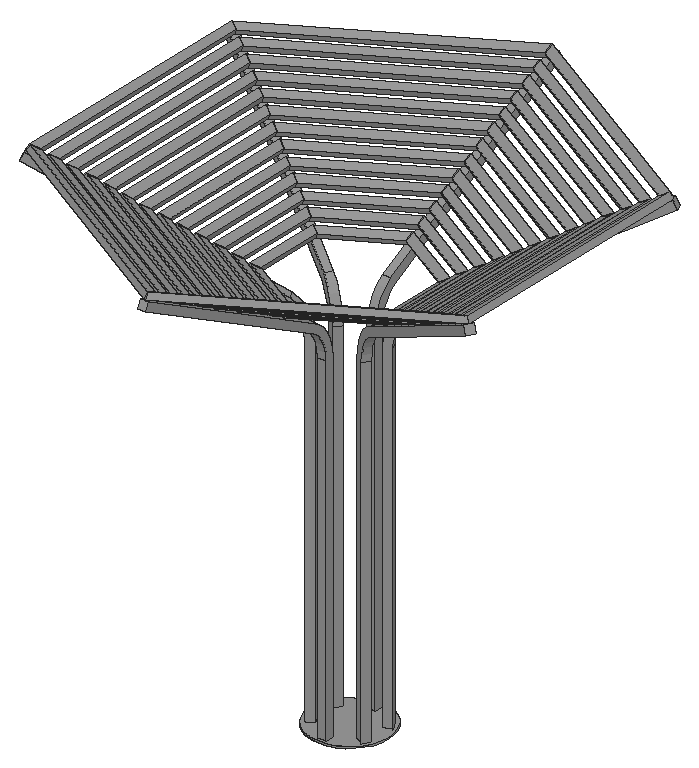
Revit family "Навес «Винсон» Арт 20419", category Антураж, Revit 2018
Family settings
  На основе рабочей плоскости = Нет
  Всегда вертикально = Да
  При загрузке вырезать с полостями = Нет
  Источник визуального образа = Геометрия семейства
  Общий = Нет
  Точка расчета площади = Нет
Parameters (values of type "Навес «Винсон»")
  Ширина = 3130 mm  # constant formula
  Цвет навеса = Тик
  Цвет какаса = Сталь
  Описание = "Навес «Винсон»"  # constant formula
  Материал изделия = "Сталь, дерево"  # constant formula
  Изображение типоразмера = Навес «Винсон» Арт 20419.jpg
  Изготовитель = "ООО «Хоббика»"  # constant formula
  Длина = 2680 mm  # constant formula
  Группа модели = "Навесы и беседки"  # constant formula
  Высота = 3000 mm  # constant formula
  Артикул товара = "Арт. 20419"  # constant formula
  URL = "https://hobbyka.ru/product/naves_vinson/"
Reference planes
  plane 1 "По центру (Вперед/Назад)": y = 0
  plane 2: z = 0
  plane 3 "По центру (Влево/Вправо)": x = 0
  plane 4: y = 1565
  plane 5: y = -1565
  plane 6: x = -1340
  plane 7: x = 1340
  plane 8: z = 3000
  plane 9: z = 2060
Forms (mm)
  Extrusion 1, solid, material "Сталь" <- "Цвет какаса"
    sketch origin (0, 0, 0) x (0, 1, 0) y (0, 0, 1)
      loop
        line (-1541.526, 2962.519) -> (-1565, 2918.371) -> (-304.083, 2247.93)
        arc (-304.083, 2247.93) -> (-234.834, 2165.082) -> (-210, 2060) r 234.736
        line (-210, 2060) -> (-210, 0) -> (-160, 0) -> (-160, 2060)
        arc (-160, 2060) -> (-191.034, 2189.267) -> (-277.372, 2290.356) r 284.736
        line (-277.372, 2290.356) -> (-1541.526, 2962.519)
    from -25 to 25
  Extrusion 2, solid, material "Сталь" <- "Цвет какаса"
    sketch origin (0, 0, 0) x (0, -1, 0) y (0, 0, -1)
      loop
        line (-1541.526, -2962.519) -> (-277.372, -2290.356)
        arc (-277.372, -2290.356) -> (-191.034, -2189.267) -> (-160, -2060) r 284.736
        line (-160, -2060) -> (-160, 0) -> (-210, 0) -> (-210, -2060)
        arc (-210, -2060) -> (-234.834, -2165.082) -> (-304.083, -2247.93) r 234.736
        line (-304.083, -2247.93) -> (-1565, -2918.371) -> (-1541.526, -2962.519)
    from -25 to 25
  Extrusion 3, solid, material "Сталь" <- "Цвет какаса"
    sketch origin (0, 0, 0) x (-0.866025, 0.5, 0) y (0, 0, 1)
      loop
        line (-1541.526, 2962.519) -> (-1565, 2918.371) -> (-304.083, 2247.93)
        arc (-304.083, 2247.93) -> (-234.834, 2165.082) -> (-210, 2060) r 234.736
        line (-210, 2060) -> (-210, 0) -> (-160, 0) -> (-160, 2060)
        arc (-160, 2060) -> (-191.034, 2189.267) -> (-277.372, 2290.356) r 284.736
        line (-277.372, 2290.356) -> (-1541.526, 2962.519)
    from -25 to 25
  Extrusion 4, solid, material "Сталь" <- "Цвет какаса"
    sketch origin (0, 0, 0) x (0.866025, -0.5, 0) y (0, 0, -1)
      loop
        line (-1541.526, -2962.519) -> (-277.372, -2290.356)
        arc (-277.372, -2290.356) -> (-191.034, -2189.267) -> (-160, -2060) r 284.736
        line (-160, -2060) -> (-160, 0) -> (-210, 0) -> (-210, -2060)
        arc (-210, -2060) -> (-234.834, -2165.082) -> (-304.083, -2247.93) r 234.736
        line (-304.083, -2247.93) -> (-1565, -2918.371) -> (-1541.526, -2962.519)
    from -25 to 25
  Extrusion 5, solid, material "Сталь" <- "Цвет какаса"
    sketch origin (0, 0, 0) x (0.866025, 0.5, 0) y (0, 0, 1)
      loop
        line (-1541.526, 2962.519) -> (-1565, 2918.371) -> (-304.083, 2247.93)
        arc (-304.083, 2247.93) -> (-234.834, 2165.082) -> (-210, 2060) r 234.736
        line (-210, 2060) -> (-210, 0) -> (-160, 0) -> (-160, 2060)
        arc (-160, 2060) -> (-191.034, 2189.267) -> (-277.372, 2290.356) r 284.736
        line (-277.372, 2290.356) -> (-1541.526, 2962.519)
    from -25 to 25
  Extrusion 6, solid, material "Сталь" <- "Цвет какаса"
    sketch origin (0, 0, 0) x (-0.866025, -0.5, 0) y (0, 0, -1)
      loop
        line (-1541.526, -2962.519) -> (-277.372, -2290.356)
        arc (-277.372, -2290.356) -> (-191.034, -2189.267) -> (-160, -2060) r 284.736
        line (-160, -2060) -> (-160, 0) -> (-210, 0) -> (-210, -2060)
        arc (-210, -2060) -> (-234.834, -2165.082) -> (-304.083, -2247.93) r 234.736
        line (-304.083, -2247.93) -> (-1565, -2918.371) -> (-1541.526, -2962.519)
    from -25 to 25
  Extrusion 7, solid, material "Тик" <- "Цвет навеса"
    sketch origin (-770.763, -206.525, 0) x (-0.5, 0.866025, 0) y (0, 0, 1)
      loop
        line (-1541.526, 2962.519) -> (-1497.379, 2939.045) -> (-1478.6, 2974.363) -> (-1522.748, 2997.837) -> (-1541.526, 2962.519)
    from 0 to 1540.574
  Extrusion 8, solid, material "Тик" <- "Цвет навеса"
    sketch origin (-820.763, -119.923, 0) x (-0.5, 0.866025, 0) y (0, 0, 1)
      loop
        line (-1564.361, 2919.573) -> (-1520.214, 2896.1) -> (-1501.435, 2931.417) -> (-1545.582, 2954.891) -> (-1564.361, 2919.573)
    from 0 to 1540.574
  Extrusion 9, solid, material "Тик" <- "Цвет навеса"
    sketch origin (-870.763, -33.32, 0) x (-0.5, 0.866025, 0) y (0, 0, 1)
      loop
        line (-1589.003, 2873.228) -> (-1544.856, 2849.754) -> (-1526.077, 2885.072) -> (-1570.224, 2908.546) -> (-1589.003, 2873.228)
    from 0 to 1540.574
  Extrusion 10, solid, material "Тик" <- "Цвет навеса"
    sketch origin (-920.763, 53.282, 0) x (-0.5, 0.866025, 0) y (0, 0, 1)
      loop
        line (-1612.87, 2828.34) -> (-1568.723, 2804.867) -> (-1549.944, 2840.185) -> (-1594.092, 2863.658) -> (-1612.87, 2828.34)
    from 0 to 1540.574
  Extrusion 11, solid, material "Тик" <- "Цвет навеса"
    sketch origin (-970.763, 139.885, 0) x (-0.5, 0.866025, 0) y (0, 0, 1)
      loop
        line (-1637.957, 2781.159) -> (-1593.81, 2757.686) -> (-1575.031, 2793.004) -> (-1619.178, 2816.477) -> (-1637.957, 2781.159)
    from 0 to 1540.574
  Extrusion 12, solid, material "Тик" <- "Цвет навеса"
    sketch origin (-1020.763, 226.487, 0) x (-0.5, 0.866025, 0) y (0, 0, 1)
      loop
        line (-1662.693, 2734.639) -> (-1618.545, 2711.165) -> (-1599.766, 2746.483) -> (-1643.914, 2769.957) -> (-1662.693, 2734.639)
    from 0 to 1540.574
  Extrusion 13, solid, material "Тик" <- "Цвет навеса"
    sketch origin (-1070.763, 313.09, 0) x (-0.5, 0.866025, 0) y (0, 0, 1)
      loop
        line (-1688.199, 2686.668) -> (-1644.052, 2663.194) -> (-1625.273, 2698.512) -> (-1669.42, 2721.986) -> (-1688.199, 2686.668)
    from 0 to 1540.574
  Extrusion 14, solid, material "Тик" <- "Цвет навеса"
    sketch origin (-1120.763, 399.692, 0) x (-0.5, 0.866025, 0) y (0, 0, 1)
      loop
        line (-1712.357, 2641.233) -> (-1668.21, 2617.759) -> (-1649.431, 2653.077) -> (-1693.578, 2676.551) -> (-1712.357, 2641.233)
    from 0 to 1540.574
  Extrusion 15, solid, material "Тик" <- "Цвет навеса"
    sketch origin (-1170.763, 486.295, 0) x (-0.5, 0.866025, 0) y (0, 0, 1)
      loop
        line (-1737.312, 2594.3) -> (-1693.165, 2570.826) -> (-1674.386, 2606.144) -> (-1718.533, 2629.618) -> (-1737.312, 2594.3)
    from 0 to 1540.574
  Extrusion 16, solid, material "Тик" <- "Цвет навеса"
    sketch origin (-1220.763, 572.897, 0) x (-0.5, 0.866025, 0) y (0, 0, 1)
      loop
        line (-1761.053, 2549.649) -> (-1716.906, 2526.175) -> (-1698.127, 2561.493) -> (-1742.275, 2584.967) -> (-1761.053, 2549.649)
    from 0 to 1540.574
  Extrusion 17, solid, material "Тик" <- "Цвет навеса"
    sketch origin (-1270.763, 659.5, 0) x (-0.5, 0.866025, 0) y (0, 0, 1)
      loop
        line (-1786.031, 2502.672) -> (-1741.884, 2479.199) -> (-1723.105, 2514.517) -> (-1767.252, 2537.99) -> (-1786.031, 2502.672)
    from 0 to 1540.574
  Extrusion 18, solid, material "Тик" <- "Цвет навеса"
    sketch origin (-1320.763, 746.103, 0) x (-0.5, 0.866025, 0) y (0, 0, 1)
      loop
        line (-1810.31, 2457.011) -> (-1766.162, 2433.538) -> (-1747.383, 2468.856) -> (-1791.531, 2492.329) -> (-1810.31, 2457.011)
    from 0 to 1540.574
  Extrusion 19, solid, material "Тик" <- "Цвет навеса"
    sketch origin (-1370.763, 832.705, 0) x (-0.5, 0.866025, 0) y (0, 0, 1)
      loop
        line (-1835.802, 2409.068) -> (-1791.654, 2385.594) -> (-1772.875, 2420.912) -> (-1817.023, 2444.386) -> (-1835.802, 2409.068)
    from 0 to 1540.574
  Extrusion 20, void
    sketch origin (0, 0, 0) x (1, 0, 0) y (0, 1, 0)
      loop
        line (0, -423.024) -> (-484.326, -702.65) -> (0, -1541.526) -> (0, -423.024)
      loop
        line (366.35, -211.512) -> (1333.352, -769.811) -> (849.851, 67.637) -> (366.35, -211.512)
    from 2290.356 to 2997.837
  Extrusion 21, solid, material "Тик" <- "Цвет навеса"
    sketch origin (-206.525, -770.763, 0) x (-1, 0, 0) y (0, 0, 1)
      loop
        line (-1541.526, 2962.519) -> (-1497.379, 2939.045) -> (-1478.6, 2974.363) -> (-1522.748, 2997.837) -> (-1541.526, 2962.519)
    from 0 to 1540.574
  Extrusion 22, solid, material "Тик" <- "Цвет навеса"
    sketch origin (-306.525, -770.763, 0) x (-1, 0, 0) y (0, 0, 1)
      loop
        line (-1564.361, 2919.573) -> (-1520.214, 2896.1) -> (-1501.435, 2931.417) -> (-1545.582, 2954.891) -> (-1564.361, 2919.573)
    from 0 to 1540.574
  Extrusion 23, solid, material "Тик" <- "Цвет навеса"
    sketch origin (-406.525, -770.763, 0) x (-1, 0, 0) y (0, 0, 1)
      loop
        line (-1589.003, 2873.228) -> (-1544.856, 2849.754) -> (-1526.077, 2885.072) -> (-1570.224, 2908.546) -> (-1589.003, 2873.228)
    from 0 to 1540.574
  Extrusion 24, solid, material "Тик" <- "Цвет навеса"
    sketch origin (-506.525, -770.763, 0) x (-1, 0, 0) y (0, 0, 1)
      loop
        line (-1612.87, 2828.34) -> (-1568.723, 2804.867) -> (-1549.944, 2840.185) -> (-1594.092, 2863.658) -> (-1612.87, 2828.34)
    from 0 to 1540.574
  Extrusion 25, solid, material "Тик" <- "Цвет навеса"
    sketch origin (-606.525, -770.763, 0) x (-1, 0, 0) y (0, 0, 1)
      loop
        line (-1637.957, 2781.159) -> (-1593.81, 2757.686) -> (-1575.031, 2793.004) -> (-1619.178, 2816.477) -> (-1637.957, 2781.159)
    from 0 to 1540.574
  Extrusion 26, solid, material "Тик" <- "Цвет навеса"
    sketch origin (-706.525, -770.763, 0) x (-1, 0, 0) y (0, 0, 1)
      loop
        line (-1662.693, 2734.639) -> (-1618.545, 2711.165) -> (-1599.766, 2746.483) -> (-1643.914, 2769.957) -> (-1662.693, 2734.639)
    from 0 to 1540.574
  Extrusion 27, solid, material "Тик" <- "Цвет навеса"
    sketch origin (-806.525, -770.763, 0) x (-1, 0, 0) y (0, 0, 1)
      loop
        line (-1688.199, 2686.668) -> (-1644.052, 2663.194) -> (-1625.273, 2698.512) -> (-1669.42, 2721.986) -> (-1688.199, 2686.668)
    from 0 to 1540.574
  Extrusion 28, solid, material "Тик" <- "Цвет навеса"
    sketch origin (-906.525, -770.763, 0) x (-1, 0, 0) y (0, 0, 1)
      loop
        line (-1712.357, 2641.233) -> (-1668.21, 2617.759) -> (-1649.431, 2653.077) -> (-1693.578, 2676.551) -> (-1712.357, 2641.233)
    from 0 to 1540.574
  Extrusion 29, solid, material "Тик" <- "Цвет навеса"
    sketch origin (-1006.525, -770.763, 0) x (-1, 0, 0) y (0, 0, 1)
      loop
        line (-1737.312, 2594.3) -> (-1693.165, 2570.826) -> (-1674.386, 2606.144) -> (-1718.533, 2629.618) -> (-1737.312, 2594.3)
    from 0 to 1540.574
  Extrusion 30, solid, material "Тик" <- "Цвет навеса"
    sketch origin (-1106.525, -770.763, 0) x (-1, 0, 0) y (0, 0, 1)
      loop
        line (-1761.053, 2549.649) -> (-1716.906, 2526.175) -> (-1698.127, 2561.493) -> (-1742.275, 2584.967) -> (-1761.053, 2549.649)
    from 0 to 1540.574
  Extrusion 31, solid, material "Тик" <- "Цвет навеса"
    sketch origin (-1206.525, -770.763, 0) x (-1, 0, 0) y (0, 0, 1)
      loop
        line (-1786.031, 2502.672) -> (-1741.884, 2479.199) -> (-1723.105, 2514.517) -> (-1767.252, 2537.99) -> (-1786.031, 2502.672)
    from 0 to 1540.574
  Extrusion 32, solid, material "Тик" <- "Цвет навеса"
    sketch origin (-1306.525, -770.763, 0) x (-1, 0, 0) y (0, 0, 1)
      loop
        line (-1810.31, 2457.011) -> (-1766.162, 2433.538) -> (-1747.383, 2468.856) -> (-1791.531, 2492.329) -> (-1810.31, 2457.011)
    from 0 to 1540.574
  Extrusion 33, solid, material "Тик" <- "Цвет навеса"
    sketch origin (-1406.525, -770.763, 0) x (-1, 0, 0) y (0, 0, 1)
      loop
        line (-1835.802, 2409.068) -> (-1791.654, 2385.594) -> (-1772.875, 2420.912) -> (-1817.023, 2444.386) -> (-1835.802, 2409.068)
    from 0 to 1540.574
  Extrusion 34, void
    sketch origin (0, 0, 0) x (0.5, 0.866025, 0) y (-0.866025, 0.5, 0)
      loop
        line (0, -423.024) -> (-484.326, -702.65) -> (0, -1541.526) -> (0, -423.024)
      loop
        line (366.35, -211.512) -> (1333.352, -769.811) -> (849.851, 67.637) -> (366.35, -211.512)
    from 2290.356 to 2997.837
  Extrusion 35, solid, material "Тик" <- "Цвет навеса"
    sketch origin (564.238, -564.238, 0) x (-0.5, -0.866025, 0) y (0, 0, 1)
      loop
        line (-1541.526, 2962.519) -> (-1497.379, 2939.045) -> (-1478.6, 2974.363) -> (-1522.748, 2997.837) -> (-1541.526, 2962.519)
    from 0 to 1540.574
  Extrusion 36, solid, material "Тик" <- "Цвет навеса"
    sketch origin (514.238, -650.84, 0) x (-0.5, -0.866025, 0) y (0, 0, 1)
      loop
        line (-1564.361, 2919.573) -> (-1520.214, 2896.1) -> (-1501.435, 2931.417) -> (-1545.582, 2954.891) -> (-1564.361, 2919.573)
    from 0 to 1540.574
  Extrusion 37, solid, material "Тик" <- "Цвет навеса"
    sketch origin (464.238, -737.443, 0) x (-0.5, -0.866025, 0) y (0, 0, 1)
      loop
        line (-1589.003, 2873.228) -> (-1544.856, 2849.754) -> (-1526.077, 2885.072) -> (-1570.224, 2908.546) -> (-1589.003, 2873.228)
    from 0 to 1540.574
  Extrusion 38, solid, material "Тик" <- "Цвет навеса"
    sketch origin (414.238, -824.045, 0) x (-0.5, -0.866025, 0) y (0, 0, 1)
      loop
        line (-1612.87, 2828.34) -> (-1568.723, 2804.867) -> (-1549.944, 2840.185) -> (-1594.092, 2863.658) -> (-1612.87, 2828.34)
    from 0 to 1540.574
  Extrusion 39, solid, material "Тик" <- "Цвет навеса"
    sketch origin (364.238, -910.648, 0) x (-0.5, -0.866025, 0) y (0, 0, 1)
      loop
        line (-1637.957, 2781.159) -> (-1593.81, 2757.686) -> (-1575.031, 2793.004) -> (-1619.178, 2816.477) -> (-1637.957, 2781.159)
    from 0 to 1540.574
  Extrusion 40, solid, material "Тик" <- "Цвет навеса"
    sketch origin (314.238, -997.251, 0) x (-0.5, -0.866025, 0) y (0, 0, 1)
      loop
        line (-1662.693, 2734.639) -> (-1618.545, 2711.165) -> (-1599.766, 2746.483) -> (-1643.914, 2769.957) -> (-1662.693, 2734.639)
    from 0 to 1540.574
  Extrusion 41, solid, material "Тик" <- "Цвет навеса"
    sketch origin (264.238, -1083.853, 0) x (-0.5, -0.866025, 0) y (0, 0, 1)
      loop
        line (-1688.199, 2686.668) -> (-1644.052, 2663.194) -> (-1625.273, 2698.512) -> (-1669.42, 2721.986) -> (-1688.199, 2686.668)
    from 0 to 1540.574
  Extrusion 42, solid, material "Тик" <- "Цвет навеса"
    sketch origin (214.238, -1170.456, 0) x (-0.5, -0.866025, 0) y (0, 0, 1)
      loop
        line (-1712.357, 2641.233) -> (-1668.21, 2617.759) -> (-1649.431, 2653.077) -> (-1693.578, 2676.551) -> (-1712.357, 2641.233)
    from 0 to 1540.574
  Extrusion 43, solid, material "Тик" <- "Цвет навеса"
    sketch origin (164.238, -1257.058, 0) x (-0.5, -0.866025, 0) y (0, 0, 1)
      loop
        line (-1737.312, 2594.3) -> (-1693.165, 2570.826) -> (-1674.386, 2606.144) -> (-1718.533, 2629.618) -> (-1737.312, 2594.3)
    from 0 to 1540.574
  Extrusion 44, solid, material "Тик" <- "Цвет навеса"
    sketch origin (114.238, -1343.661, 0) x (-0.5, -0.866025, 0) y (0, 0, 1)
      loop
        line (-1761.053, 2549.649) -> (-1716.906, 2526.175) -> (-1698.127, 2561.493) -> (-1742.275, 2584.967) -> (-1761.053, 2549.649)
    from 0 to 1540.574
  Extrusion 45, solid, material "Тик" <- "Цвет навеса"
    sketch origin (64.238, -1430.263, 0) x (-0.5, -0.866025, 0) y (0, 0, 1)
      loop
        line (-1786.031, 2502.672) -> (-1741.884, 2479.199) -> (-1723.105, 2514.517) -> (-1767.252, 2537.99) -> (-1786.031, 2502.672)
    from 0 to 1540.574
  Extrusion 46, solid, material "Тик" <- "Цвет навеса"
    sketch origin (14.238, -1516.866, 0) x (-0.5, -0.866025, 0) y (0, 0, 1)
      loop
        line (-1810.31, 2457.011) -> (-1766.162, 2433.538) -> (-1747.383, 2468.856) -> (-1791.531, 2492.329) -> (-1810.31, 2457.011)
    from 0 to 1540.574
  Extrusion 47, solid, material "Тик" <- "Цвет навеса"
    sketch origin (-35.762, -1603.468, 0) x (-0.5, -0.866025, 0) y (0, 0, 1)
      loop
        line (-1835.802, 2409.068) -> (-1791.654, 2385.594) -> (-1772.875, 2420.912) -> (-1817.023, 2444.386) -> (-1835.802, 2409.068)
    from 0 to 1540.574
  Extrusion 48, void
    sketch origin (0, 0, 0) x (-0.5, 0.866025, 0) y (-0.866025, -0.5, 0)
      loop
        line (0, -423.024) -> (-484.326, -702.65) -> (0, -1541.526) -> (0, -423.024)
      loop
        line (366.35, -211.512) -> (1333.352, -769.811) -> (849.851, 67.637) -> (366.35, -211.512)
    from 2290.356 to 2997.837
  Extrusion 49, solid, material "Тик" <- "Цвет навеса"
    sketch origin (770.763, 206.525, 0) x (0.5, -0.866025, 0) y (0, 0, 1)
      loop
        line (-1541.526, 2962.519) -> (-1497.379, 2939.045) -> (-1478.6, 2974.363) -> (-1522.748, 2997.837) -> (-1541.526, 2962.519)
    from 0 to 1540.574
  Extrusion 50, solid, material "Тик" <- "Цвет навеса"
    sketch origin (820.763, 119.923, 0) x (0.5, -0.866025, 0) y (0, 0, 1)
      loop
        line (-1564.361, 2919.573) -> (-1520.214, 2896.1) -> (-1501.435, 2931.417) -> (-1545.582, 2954.891) -> (-1564.361, 2919.573)
    from 0 to 1540.574
  Extrusion 51, solid, material "Тик" <- "Цвет навеса"
    sketch origin (870.763, 33.32, 0) x (0.5, -0.866025, 0) y (0, 0, 1)
      loop
        line (-1589.003, 2873.228) -> (-1544.856, 2849.754) -> (-1526.077, 2885.072) -> (-1570.224, 2908.546) -> (-1589.003, 2873.228)
    from 0 to 1540.574
  Extrusion 52, solid, material "Тик" <- "Цвет навеса"
    sketch origin (920.763, -53.282, 0) x (0.5, -0.866025, 0) y (0, 0, 1)
      loop
        line (-1612.87, 2828.34) -> (-1568.723, 2804.867) -> (-1549.944, 2840.185) -> (-1594.092, 2863.658) -> (-1612.87, 2828.34)
    from 0 to 1540.574
  Extrusion 53, solid, material "Тик" <- "Цвет навеса"
    sketch origin (970.763, -139.885, 0) x (0.5, -0.866025, 0) y (0, 0, 1)
      loop
        line (-1637.957, 2781.159) -> (-1593.81, 2757.686) -> (-1575.031, 2793.004) -> (-1619.178, 2816.477) -> (-1637.957, 2781.159)
    from 0 to 1540.574
  Extrusion 54, solid, material "Тик" <- "Цвет навеса"
    sketch origin (1020.763, -226.487, 0) x (0.5, -0.866025, 0) y (0, 0, 1)
      loop
        line (-1662.693, 2734.639) -> (-1618.545, 2711.165) -> (-1599.766, 2746.483) -> (-1643.914, 2769.957) -> (-1662.693, 2734.639)
    from 0 to 1540.574
  Extrusion 55, solid, material "Тик" <- "Цвет навеса"
    sketch origin (1070.763, -313.09, 0) x (0.5, -0.866025, 0) y (0, 0, 1)
      loop
        line (-1688.199, 2686.668) -> (-1644.052, 2663.194) -> (-1625.273, 2698.512) -> (-1669.42, 2721.986) -> (-1688.199, 2686.668)
    from 0 to 1540.574
  Extrusion 56, solid, material "Тик" <- "Цвет навеса"
    sketch origin (1120.763, -399.692, 0) x (0.5, -0.866025, 0) y (0, 0, 1)
      loop
        line (-1712.357, 2641.233) -> (-1668.21, 2617.759) -> (-1649.431, 2653.077) -> (-1693.578, 2676.551) -> (-1712.357, 2641.233)
    from 0 to 1540.574
  Extrusion 57, solid, material "Тик" <- "Цвет навеса"
    sketch origin (1170.763, -486.295, 0) x (0.5, -0.866025, 0) y (0, 0, 1)
      loop
        line (-1737.312, 2594.3) -> (-1693.165, 2570.826) -> (-1674.386, 2606.144) -> (-1718.533, 2629.618) -> (-1737.312, 2594.3)
    from 0 to 1540.574
  Extrusion 58, solid, material "Тик" <- "Цвет навеса"
    sketch origin (1220.763, -572.897, 0) x (0.5, -0.866025, 0) y (0, 0, 1)
      loop
        line (-1761.053, 2549.649) -> (-1716.906, 2526.175) -> (-1698.127, 2561.493) -> (-1742.275, 2584.967) -> (-1761.053, 2549.649)
    from 0 to 1540.574
  Extrusion 59, solid, material "Тик" <- "Цвет навеса"
    sketch origin (1270.763, -659.5, 0) x (0.5, -0.866025, 0) y (0, 0, 1)
      loop
        line (-1786.031, 2502.672) -> (-1741.884, 2479.199) -> (-1723.105, 2514.517) -> (-1767.252, 2537.99) -> (-1786.031, 2502.672)
    from 0 to 1540.574
  Extrusion 60, solid, material "Тик" <- "Цвет навеса"
    sketch origin (1320.763, -746.103, 0) x (0.5, -0.866025, 0) y (0, 0, 1)
      loop
        line (-1810.31, 2457.011) -> (-1766.162, 2433.538) -> (-1747.383, 2468.856) -> (-1791.531, 2492.329) -> (-1810.31, 2457.011)
    from 0 to 1540.574
  Extrusion 61, solid, material "Тик" <- "Цвет навеса"
    sketch origin (1370.763, -832.705, 0) x (0.5, -0.866025, 0) y (0, 0, 1)
      loop
        line (-1835.802, 2409.068) -> (-1791.654, 2385.594) -> (-1772.875, 2420.912) -> (-1817.023, 2444.386) -> (-1835.802, 2409.068)
    from 0 to 1540.574
  Extrusion 62, void
    sketch origin (0, 0, 0) x (-1, 0, 0) y (0, -1, 0)
      loop
        line (0, -423.024) -> (-484.326, -702.65) -> (0, -1541.526) -> (0, -423.024)
      loop
        line (366.35, -211.512) -> (1333.352, -769.811) -> (849.851, 67.637) -> (366.35, -211.512)
    from 2290.356 to 2997.837
  Extrusion 63, solid, material "Тик" <- "Цвет навеса"
    sketch origin (206.525, 770.763, 0) x (1, 0, 0) y (0, 0, 1)
      loop
        line (-1541.526, 2962.519) -> (-1497.379, 2939.045) -> (-1478.6, 2974.363) -> (-1522.748, 2997.837) -> (-1541.526, 2962.519)
    from 0 to 1540.574
  Extrusion 64, solid, material "Тик" <- "Цвет навеса"
    sketch origin (306.525, 770.763, 0) x (1, 0, 0) y (0, 0, 1)
      loop
        line (-1564.361, 2919.573) -> (-1520.214, 2896.1) -> (-1501.435, 2931.417) -> (-1545.582, 2954.891) -> (-1564.361, 2919.573)
    from 0 to 1540.574
  Extrusion 65, solid, material "Тик" <- "Цвет навеса"
    sketch origin (406.525, 770.763, 0) x (1, 0, 0) y (0, 0, 1)
      loop
        line (-1589.003, 2873.228) -> (-1544.856, 2849.754) -> (-1526.077, 2885.072) -> (-1570.224, 2908.546) -> (-1589.003, 2873.228)
    from 0 to 1540.574
  Extrusion 66, solid, material "Тик" <- "Цвет навеса"
    sketch origin (506.525, 770.763, 0) x (1, 0, 0) y (0, 0, 1)
      loop
        line (-1612.87, 2828.34) -> (-1568.723, 2804.867) -> (-1549.944, 2840.185) -> (-1594.092, 2863.658) -> (-1612.87, 2828.34)
    from 0 to 1540.574
  Extrusion 67, solid, material "Тик" <- "Цвет навеса"
    sketch origin (606.525, 770.763, 0) x (1, 0, 0) y (0, 0, 1)
      loop
        line (-1637.957, 2781.159) -> (-1593.81, 2757.686) -> (-1575.031, 2793.004) -> (-1619.178, 2816.477) -> (-1637.957, 2781.159)
    from 0 to 1540.574
  Extrusion 68, solid, material "Тик" <- "Цвет навеса"
    sketch origin (706.525, 770.763, 0) x (1, 0, 0) y (0, 0, 1)
      loop
        line (-1662.693, 2734.639) -> (-1618.545, 2711.165) -> (-1599.766, 2746.483) -> (-1643.914, 2769.957) -> (-1662.693, 2734.639)
    from 0 to 1540.574
  Extrusion 69, solid, material "Тик" <- "Цвет навеса"
    sketch origin (806.525, 770.763, 0) x (1, 0, 0) y (0, 0, 1)
      loop
        line (-1688.199, 2686.668) -> (-1644.052, 2663.194) -> (-1625.273, 2698.512) -> (-1669.42, 2721.986) -> (-1688.199, 2686.668)
    from 0 to 1540.574
  Extrusion 70, solid, material "Тик" <- "Цвет навеса"
    sketch origin (906.525, 770.763, 0) x (1, 0, 0) y (0, 0, 1)
      loop
        line (-1712.357, 2641.233) -> (-1668.21, 2617.759) -> (-1649.431, 2653.077) -> (-1693.578, 2676.551) -> (-1712.357, 2641.233)
    from 0 to 1540.574
  Extrusion 71, solid, material "Тик" <- "Цвет навеса"
    sketch origin (1006.525, 770.763, 0) x (1, 0, 0) y (0, 0, 1)
      loop
        line (-1737.312, 2594.3) -> (-1693.165, 2570.826) -> (-1674.386, 2606.144) -> (-1718.533, 2629.618) -> (-1737.312, 2594.3)
    from 0 to 1540.574
  Extrusion 72, solid, material "Тик" <- "Цвет навеса"
    sketch origin (1106.525, 770.763, 0) x (1, 0, 0) y (0, 0, 1)
      loop
        line (-1761.053, 2549.649) -> (-1716.906, 2526.175) -> (-1698.127, 2561.493) -> (-1742.275, 2584.967) -> (-1761.053, 2549.649)
    from 0 to 1540.574
  Extrusion 73, solid, material "Тик" <- "Цвет навеса"
    sketch origin (1206.525, 770.763, 0) x (1, 0, 0) y (0, 0, 1)
      loop
        line (-1786.031, 2502.672) -> (-1741.884, 2479.199) -> (-1723.105, 2514.517) -> (-1767.252, 2537.99) -> (-1786.031, 2502.672)
    from 0 to 1540.574
  Extrusion 74, solid, material "Тик" <- "Цвет навеса"
    sketch origin (1306.525, 770.763, 0) x (1, 0, 0) y (0, 0, 1)
      loop
        line (-1810.31, 2457.011) -> (-1766.162, 2433.538) -> (-1747.383, 2468.856) -> (-1791.531, 2492.329) -> (-1810.31, 2457.011)
    from 0 to 1540.574
  Extrusion 75, solid, material "Тик" <- "Цвет навеса"
    sketch origin (1406.525, 770.763, 0) x (1, 0, 0) y (0, 0, 1)
      loop
        line (-1835.802, 2409.068) -> (-1791.654, 2385.594) -> (-1772.875, 2420.912) -> (-1817.023, 2444.386) -> (-1835.802, 2409.068)
    from 0 to 1540.574
  Extrusion 76, void
    sketch origin (0, 0, 0) x (-0.5, -0.866025, 0) y (0.866025, -0.5, 0)
      loop
        line (0, -423.024) -> (-484.326, -702.65) -> (0, -1541.526) -> (0, -423.024)
      loop
        line (366.35, -211.512) -> (1333.352, -769.811) -> (849.851, 67.637) -> (366.35, -211.512)
    from 2290.356 to 2997.837
  Extrusion 77, void
    sketch origin (0, 0, 0) x (1, 0, 0) y (0, 1, 0)
      loop
        line (0, -423.024) -> (-484.326, -702.65) -> (0, -1541.526) -> (0, -423.024)
      loop
        line (366.35, -211.512) -> (1333.352, -769.811) -> (849.851, 67.637) -> (366.35, -211.512)
    from 2290.356 to 2997.837
  Extrusion 78, solid, material "Тик" <- "Цвет навеса"
    sketch origin (-564.238, 564.238, 0) x (0.5, 0.866025, 0) y (0, 0, 1)
      loop
        line (-1541.526, 2962.519) -> (-1497.379, 2939.045) -> (-1478.6, 2974.363) -> (-1522.748, 2997.837) -> (-1541.526, 2962.519)
    from 0 to 1540.574
  Extrusion 79, solid, material "Тик" <- "Цвет навеса"
    sketch origin (-514.238, 650.84, 0) x (0.5, 0.866025, 0) y (0, 0, 1)
      loop
        line (-1564.361, 2919.573) -> (-1520.214, 2896.1) -> (-1501.435, 2931.417) -> (-1545.582, 2954.891) -> (-1564.361, 2919.573)
    from 0 to 1540.574
  Extrusion 80, solid, material "Тик" <- "Цвет навеса"
    sketch origin (-464.238, 737.443, 0) x (0.5, 0.866025, 0) y (0, 0, 1)
      loop
        line (-1589.003, 2873.228) -> (-1544.856, 2849.754) -> (-1526.077, 2885.072) -> (-1570.224, 2908.546) -> (-1589.003, 2873.228)
    from 0 to 1540.574
  Extrusion 81, solid, material "Тик" <- "Цвет навеса"
    sketch origin (-414.238, 824.045, 0) x (0.5, 0.866025, 0) y (0, 0, 1)
      loop
        line (-1612.87, 2828.34) -> (-1568.723, 2804.867) -> (-1549.944, 2840.185) -> (-1594.092, 2863.658) -> (-1612.87, 2828.34)
    from 0 to 1540.574
  Extrusion 82, solid, material "Тик" <- "Цвет навеса"
    sketch origin (-364.238, 910.648, 0) x (0.5, 0.866025, 0) y (0, 0, 1)
      loop
        line (-1637.957, 2781.159) -> (-1593.81, 2757.686) -> (-1575.031, 2793.004) -> (-1619.178, 2816.477) -> (-1637.957, 2781.159)
    from 0 to 1540.574
  Extrusion 83, solid, material "Тик" <- "Цвет навеса"
    sketch origin (-314.238, 997.251, 0) x (0.5, 0.866025, 0) y (0, 0, 1)
      loop
        line (-1662.693, 2734.639) -> (-1618.545, 2711.165) -> (-1599.766, 2746.483) -> (-1643.914, 2769.957) -> (-1662.693, 2734.639)
    from 0 to 1540.574
  Extrusion 84, solid, material "Тик" <- "Цвет навеса"
    sketch origin (-264.238, 1083.853, 0) x (0.5, 0.866025, 0) y (0, 0, 1)
      loop
        line (-1688.199, 2686.668) -> (-1644.052, 2663.194) -> (-1625.273, 2698.512) -> (-1669.42, 2721.986) -> (-1688.199, 2686.668)
    from 0 to 1540.574
  Extrusion 85, solid, material "Тик" <- "Цвет навеса"
    sketch origin (-214.238, 1170.456, 0) x (0.5, 0.866025, 0) y (0, 0, 1)
      loop
        line (-1712.357, 2641.233) -> (-1668.21, 2617.759) -> (-1649.431, 2653.077) -> (-1693.578, 2676.551) -> (-1712.357, 2641.233)
    from 0 to 1540.574
  Extrusion 86, solid, material "Тик" <- "Цвет навеса"
    sketch origin (-164.238, 1257.058, 0) x (0.5, 0.866025, 0) y (0, 0, 1)
      loop
        line (-1737.312, 2594.3) -> (-1693.165, 2570.826) -> (-1674.386, 2606.144) -> (-1718.533, 2629.618) -> (-1737.312, 2594.3)
    from 0 to 1540.574
  Extrusion 87, solid, material "Тик" <- "Цвет навеса"
    sketch origin (-114.238, 1343.661, 0) x (0.5, 0.866025, 0) y (0, 0, 1)
      loop
        line (-1761.053, 2549.649) -> (-1716.906, 2526.175) -> (-1698.127, 2561.493) -> (-1742.275, 2584.967) -> (-1761.053, 2549.649)
    from 0 to 1540.574
  Extrusion 88, solid, material "Тик" <- "Цвет навеса"
    sketch origin (-64.238, 1430.263, 0) x (0.5, 0.866025, 0) y (0, 0, 1)
      loop
        line (-1786.031, 2502.672) -> (-1741.884, 2479.199) -> (-1723.105, 2514.517) -> (-1767.252, 2537.99) -> (-1786.031, 2502.672)
    from 0 to 1540.574
  Extrusion 89, solid, material "Тик" <- "Цвет навеса"
    sketch origin (-14.238, 1516.866, 0) x (0.5, 0.866025, 0) y (0, 0, 1)
      loop
        line (-1810.31, 2457.011) -> (-1766.162, 2433.538) -> (-1747.383, 2468.856) -> (-1791.531, 2492.329) -> (-1810.31, 2457.011)
    from 0 to 1540.574
  Extrusion 90, solid, material "Тик" <- "Цвет навеса"
    sketch origin (35.762, 1603.468, 0) x (0.5, 0.866025, 0) y (0, 0, 1)
      loop
        line (-1835.802, 2409.068) -> (-1791.654, 2385.594) -> (-1772.875, 2420.912) -> (-1817.023, 2444.386) -> (-1835.802, 2409.068)
    from 0 to 1540.574
  Extrusion 91, void
    sketch origin (0, 0, 0) x (0.5, -0.866025, 0) y (0.866025, 0.5, 0)
      loop
        line (0, -423.024) -> (-484.326, -702.65) -> (0, -1541.526) -> (0, -423.024)
      loop
        line (366.35, -211.512) -> (1333.352, -769.811) -> (849.851, 67.637) -> (366.35, -211.512)
    from 2290.356 to 2997.837
  Extrusion 92, solid, material "Сталь" <- "Цвет какаса"
    sketch origin (0, 0, 0) x (1, 0, 0) y (0, 1, 0)
      loop
        circle (0, 0) r 235
    from 0 to 10
Cuts and joins
  Extrusion 20, Extrusion 48, Extrusion 62, Extrusion 77 cuts Extrusion 13
  Extrusion 20, Extrusion 48, Extrusion 62, Extrusion 77 cuts Extrusion 14
  Extrusion 20, Extrusion 48, Extrusion 62, Extrusion 77 cuts Extrusion 15
  Extrusion 20, Extrusion 48, Extrusion 62, Extrusion 77 cuts Extrusion 16
  Extrusion 20, Extrusion 48, Extrusion 62, Extrusion 77 cuts Extrusion 17
  Extrusion 20, Extrusion 48, Extrusion 62, Extrusion 77 cuts Extrusion 18
  Extrusion 20, Extrusion 48, Extrusion 62, Extrusion 77 cuts Extrusion 19
  Extrusion 20, Extrusion 48, Extrusion 62, Extrusion 77 cuts Extrusion 12
  Extrusion 20, Extrusion 48, Extrusion 62, Extrusion 77 cuts Extrusion 11
  Extrusion 20, Extrusion 48, Extrusion 62, Extrusion 77 cuts Extrusion 10
  Extrusion 20, Extrusion 48, Extrusion 62, Extrusion 77 cuts Extrusion 9
  Extrusion 20, Extrusion 48, Extrusion 62, Extrusion 77 cuts Extrusion 8
  Extrusion 20, Extrusion 48, Extrusion 62, Extrusion 77 cuts Extrusion 7
  Extrusion 34, Extrusion 48, Extrusion 62 cuts Extrusion 1
  Extrusion 34, Extrusion 62 cuts Extrusion 21
  Extrusion 34, Extrusion 62 cuts Extrusion 22
  Extrusion 34, Extrusion 62 cuts Extrusion 23
  Extrusion 34, Extrusion 62 cuts Extrusion 24
  Extrusion 34, Extrusion 62 cuts Extrusion 25
  Extrusion 34, Extrusion 62 cuts Extrusion 26
  Extrusion 34, Extrusion 62 cuts Extrusion 27
  Extrusion 34, Extrusion 62 cuts Extrusion 28
  Extrusion 34, Extrusion 62 cuts Extrusion 29
  Extrusion 34, Extrusion 62 cuts Extrusion 30
  Extrusion 34, Extrusion 62 cuts Extrusion 31
  Extrusion 34, Extrusion 62 cuts Extrusion 32
  Extrusion 34, Extrusion 62 cuts Extrusion 33
  Extrusion 48, Extrusion 62 cuts Extrusion 3
  Extrusion 48, Extrusion 76 cuts Extrusion 35
  Extrusion 48, Extrusion 76 cuts Extrusion 36
  Extrusion 48, Extrusion 76 cuts Extrusion 37
  Extrusion 48, Extrusion 76 cuts Extrusion 38
  Extrusion 48, Extrusion 76 cuts Extrusion 39
  Extrusion 48, Extrusion 76 cuts Extrusion 40
  Extrusion 48, Extrusion 76 cuts Extrusion 41
  Extrusion 48, Extrusion 76 cuts Extrusion 42
  Extrusion 48, Extrusion 76 cuts Extrusion 43
  Extrusion 48, Extrusion 76 cuts Extrusion 44
  Extrusion 48, Extrusion 76 cuts Extrusion 45
  Extrusion 48, Extrusion 76 cuts Extrusion 46
  Extrusion 48, Extrusion 76 cuts Extrusion 47
  Extrusion 62, Extrusion 91 cuts Extrusion 49
  Extrusion 62, Extrusion 91 cuts Extrusion 50
  Extrusion 62, Extrusion 91 cuts Extrusion 51
  Extrusion 62, Extrusion 91 cuts Extrusion 52
  Extrusion 62, Extrusion 91 cuts Extrusion 53
  Extrusion 62, Extrusion 91 cuts Extrusion 54
  Extrusion 62, Extrusion 91 cuts Extrusion 55
  Extrusion 62, Extrusion 91 cuts Extrusion 56
  Extrusion 62, Extrusion 91 cuts Extrusion 57
  Extrusion 62, Extrusion 91 cuts Extrusion 58
  Extrusion 62, Extrusion 91 cuts Extrusion 59
  Extrusion 62, Extrusion 91 cuts Extrusion 60
  Extrusion 62, Extrusion 91 cuts Extrusion 61
  Extrusion 76 cuts Extrusion 2
  Extrusion 91 cuts Extrusion 4
  Extrusion 76 cuts Extrusion 63
  Extrusion 76 cuts Extrusion 64
  Extrusion 76 cuts Extrusion 65
  Extrusion 76 cuts Extrusion 66
  Extrusion 76 cuts Extrusion 67
  Extrusion 76 cuts Extrusion 68
  Extrusion 76 cuts Extrusion 69
  Extrusion 76 cuts Extrusion 70
  Extrusion 76 cuts Extrusion 71
  Extrusion 76 cuts Extrusion 72
  Extrusion 76 cuts Extrusion 73
  Extrusion 76 cuts Extrusion 74
  Extrusion 76 cuts Extrusion 75
  Extrusion 77 cuts Extrusion 5
  Extrusion 91 cuts Extrusion 78
  Extrusion 91 cuts Extrusion 79
  Extrusion 91 cuts Extrusion 80
  Extrusion 91 cuts Extrusion 81
  Extrusion 91 cuts Extrusion 82
  Extrusion 91 cuts Extrusion 83
  Extrusion 91 cuts Extrusion 84
  Extrusion 91 cuts Extrusion 85
  Extrusion 91 cuts Extrusion 86
  Extrusion 91 cuts Extrusion 87
  Extrusion 91 cuts Extrusion 88
  Extrusion 91 cuts Extrusion 89
  Extrusion 91 cuts Extrusion 90
Dimensions and locks
  "Длина": plane 6 to plane 7
  "Ширина": plane 4 to plane 5
  equal spacing: plane 4, plane 1 "По центру (Вперед/Назад)", plane 5
  equal spacing: plane 6, plane 3 "По центру (Влево/Вправо)", plane 7
  "Высота": plane 8 to level
  plane 9 to level = 2060 mm
  aligned and locked: level to plane 2
Automatic sketch dimensions
  Extrusion 1 sketch curve to Extrusion 1 sketch curve = 0 mm  (x2)
  Extrusion 1 sketch curve to plane 5 = 0 mm
  Extrusion 1 sketch curve to plane 9 = 0 mm
  Extrusion 1 sketch curve to level = 0 mm
  plane 5 to Extrusion 1 sketch curve = 23.474 mm
  plane 1 "По центру (Вперед/Назад)" to Extrusion 1 sketch curve = 444.736 mm
  Extrusion 1 sketch curve to Extrusion 1 sketch curve = 140.653 mm
  Extrusion 1 sketch curve to Extrusion 1 sketch curve = 26.71 mm
  plane 1 "По центру (Вперед/Назад)" to Extrusion 1 sketch curve = 210 mm
  Extrusion 1 sketch curve to Extrusion 1 sketch curve = 50 mm
  Extrusion 2 sketch curve to Extrusion 2 sketch curve = 0 mm  (x2)
  Extrusion 2 sketch curve to plane 4 = 0 mm
  Extrusion 2 sketch curve to plane 9 = 0 mm
  Extrusion 2 sketch curve to level = 0 mm
  plane 4 to Extrusion 2 sketch curve = 23.474 mm
  plane 1 "По центру (Вперед/Назад)" to Extrusion 2 sketch curve = 444.736 mm
  Extrusion 2 sketch curve to Extrusion 2 sketch curve = 140.653 mm
  Extrusion 2 sketch curve to Extrusion 2 sketch curve = 26.71 mm
  plane 1 "По центру (Вперед/Назад)" to Extrusion 2 sketch curve = 210 mm
  Extrusion 2 sketch curve to Extrusion 2 sketch curve = 50 mm
  Extrusion 3 sketch curve to Extrusion 3 sketch curve = 0 mm  (x2)
  plane 9 to Extrusion 3 sketch curve = 0 mm
  level to Extrusion 3 sketch curve = 0 mm
  Extrusion 3 sketch curve to plane 8 = 81.629 mm
  Extrusion 3 sketch curve to plane 8 = 37.481 mm
  Extrusion 3 sketch curve to Extrusion 3 sketch curve = 23.474 mm
  Extrusion 3 sketch curve to Extrusion 3 sketch curve = 1120.264 mm
  plane 9 to Extrusion 3 sketch curve = 187.93 mm
  plane 9 to Extrusion 3 sketch curve = 230.356 mm
  Extrusion 4 sketch curve to Extrusion 4 sketch curve = 0 mm  (x2)
  plane 9 to Extrusion 4 sketch curve = 0 mm
  level to Extrusion 4 sketch curve = 0 mm
  Extrusion 4 sketch curve to plane 8 = 81.629 mm
  Extrusion 4 sketch curve to plane 8 = 37.481 mm
  Extrusion 4 sketch curve to Extrusion 4 sketch curve = 23.474 mm
  Extrusion 4 sketch curve to Extrusion 4 sketch curve = 1120.264 mm
  plane 9 to Extrusion 4 sketch curve = 187.93 mm
  plane 9 to Extrusion 4 sketch curve = 230.356 mm
  Extrusion 5 sketch curve to Extrusion 5 sketch curve = 0 mm  (x2)
  Extrusion 5 sketch curve to plane 9 = 0 mm
  Extrusion 5 sketch curve to level = 0 mm
  Extrusion 5 sketch curve to plane 8 = 81.629 mm
  Extrusion 5 sketch curve to plane 8 = 37.481 mm
  Extrusion 5 sketch curve to Extrusion 5 sketch curve = 23.474 mm
  Extrusion 5 sketch curve to Extrusion 5 sketch curve = 1120.264 mm
  plane 9 to Extrusion 5 sketch curve = 187.93 mm
  plane 9 to Extrusion 5 sketch curve = 230.356 mm
  Extrusion 6 sketch curve to Extrusion 6 sketch curve = 0 mm  (x2)
  Extrusion 6 sketch curve to plane 9 = 0 mm
  Extrusion 6 sketch curve to level = 0 mm
  Extrusion 6 sketch curve to plane 8 = 81.629 mm
  Extrusion 6 sketch curve to plane 8 = 37.481 mm
  Extrusion 6 sketch curve to Extrusion 6 sketch curve = 23.474 mm
  Extrusion 6 sketch curve to Extrusion 6 sketch curve = 1120.264 mm
  plane 9 to Extrusion 6 sketch curve = 187.93 mm
  plane 9 to Extrusion 6 sketch curve = 230.356 mm
  Extrusion 7 sketch curve to plane 8 = 2.163 mm
  Extrusion 7 sketch curve to plane 8 = 37.481 mm
  Extrusion 7 sketch curve to Extrusion 7 sketch curve = 18.779 mm
  Extrusion 7 sketch curve to plane 8 = 60.955 mm
  Extrusion 8 sketch curve to plane 8 = 80.427 mm
  Extrusion 8 sketch curve to plane 8 = 45.109 mm
  Extrusion 8 sketch curve to Extrusion 8 sketch curve = 18.779 mm
  Extrusion 8 sketch curve to plane 8 = 103.9 mm
  Extrusion 9 sketch curve to plane 8 = 126.772 mm
  Extrusion 9 sketch curve to plane 8 = 91.454 mm
  Extrusion 9 sketch curve to Extrusion 9 sketch curve = 18.779 mm
  Extrusion 9 sketch curve to plane 8 = 150.246 mm
  Extrusion 10 sketch curve to plane 8 = 171.66 mm
  Extrusion 10 sketch curve to plane 8 = 136.342 mm
  Extrusion 10 sketch curve to Extrusion 10 sketch curve = 18.779 mm
  Extrusion 10 sketch curve to plane 8 = 195.133 mm
  Extrusion 11 sketch curve to plane 8 = 218.841 mm
  Extrusion 11 sketch curve to plane 8 = 183.523 mm
  Extrusion 11 sketch curve to Extrusion 11 sketch curve = 18.779 mm
  Extrusion 11 sketch curve to plane 8 = 242.314 mm
  Extrusion 12 sketch curve to plane 8 = 265.361 mm
  Extrusion 12 sketch curve to plane 8 = 230.043 mm
  Extrusion 12 sketch curve to Extrusion 12 sketch curve = 18.779 mm
  Extrusion 12 sketch curve to plane 8 = 288.835 mm
  Extrusion 13 sketch curve to plane 8 = 313.332 mm
  Extrusion 13 sketch curve to plane 8 = 278.014 mm
  Extrusion 13 sketch curve to Extrusion 13 sketch curve = 18.779 mm
  Extrusion 13 sketch curve to plane 8 = 336.806 mm
  Extrusion 14 sketch curve to plane 8 = 358.767 mm
  Extrusion 14 sketch curve to plane 8 = 323.449 mm
  Extrusion 14 sketch curve to Extrusion 14 sketch curve = 18.779 mm
  Extrusion 14 sketch curve to plane 8 = 382.241 mm
  Extrusion 15 sketch curve to plane 8 = 405.7 mm
  Extrusion 15 sketch curve to plane 8 = 370.382 mm
  Extrusion 15 sketch curve to Extrusion 15 sketch curve = 18.779 mm
  Extrusion 15 sketch curve to plane 8 = 429.174 mm
  Extrusion 16 sketch curve to plane 8 = 450.351 mm
  Extrusion 16 sketch curve to plane 8 = 415.033 mm
  Extrusion 16 sketch curve to Extrusion 16 sketch curve = 18.779 mm
  Extrusion 16 sketch curve to plane 8 = 473.825 mm
  Extrusion 17 sketch curve to plane 8 = 497.328 mm
  Extrusion 17 sketch curve to plane 8 = 462.01 mm
  Extrusion 17 sketch curve to Extrusion 17 sketch curve = 18.779 mm
  Extrusion 17 sketch curve to plane 8 = 520.801 mm
  Extrusion 18 sketch curve to plane 8 = 542.989 mm
  Extrusion 18 sketch curve to plane 8 = 507.671 mm
  Extrusion 18 sketch curve to Extrusion 18 sketch curve = 18.779 mm
  Extrusion 18 sketch curve to plane 8 = 566.462 mm
  Extrusion 19 sketch curve to plane 8 = 590.932 mm
  Extrusion 19 sketch curve to plane 8 = 555.614 mm
  Extrusion 19 sketch curve to Extrusion 19 sketch curve = 18.779 mm
  Extrusion 19 sketch curve to plane 8 = 614.406 mm
  plane 5 to Extrusion 20 sketch curve = 23.474 mm
  plane 1 "По центру (Вперед/Назад)" to Extrusion 20 sketch curve = 423.024 mm
  Extrusion 20 sketch curve to plane 3 "По центру (Влево/Вправо)" = 0 mm
  Extrusion 20 sketch curve to Extrusion 20 sketch curve = 484.326 mm
  plane 1 "По центру (Вперед/Назад)" to Extrusion 20 sketch curve = 211.512 mm
  plane 3 "По центру (Влево/Вправо)" to Extrusion 20 sketch curve = 366.35 mm
  Extrusion 20 sketch curve to plane 1 "По центру (Вперед/Назад)" = 67.637 mm
  Extrusion 20 sketch curve to plane 7 = 6.648 mm
  Extrusion 20 sketch curve to plane 7 = 490.149 mm
  Extrusion 21 sketch curve to plane 7 = 4.999 mm
  Extrusion 21 sketch curve to plane 8 = 2.163 mm
  Extrusion 21 sketch curve to plane 7 = 23.778 mm
  Extrusion 21 sketch curve to plane 7 = 49.146 mm
  Extrusion 21 sketch curve to plane 8 = 25.637 mm
  Extrusion 22 sketch curve to plane 7 = 82.164 mm
  Extrusion 22 sketch curve to plane 8 = 45.109 mm
  Extrusion 22 sketch curve to Extrusion 22 sketch curve = 18.779 mm
  Extrusion 22 sketch curve to Extrusion 22 sketch curve = 44.147 mm
  Extrusion 22 sketch curve to Extrusion 22 sketch curve = 23.474 mm
  Extrusion 23 sketch curve to plane 7 = 157.522 mm
  Extrusion 23 sketch curve to plane 8 = 91.454 mm
  Extrusion 23 sketch curve to Extrusion 23 sketch curve = 18.779 mm
  Extrusion 23 sketch curve to plane 8 = 150.246 mm
  Extrusion 23 sketch curve to Extrusion 23 sketch curve = 44.147 mm
  Extrusion 24 sketch curve to plane 7 = 233.655 mm
  Extrusion 24 sketch curve to plane 8 = 136.342 mm
  Extrusion 24 sketch curve to Extrusion 24 sketch curve = 18.779 mm
  Extrusion 24 sketch curve to plane 8 = 195.133 mm
  Extrusion 24 sketch curve to Extrusion 24 sketch curve = 44.147 mm
  Extrusion 25 sketch curve to plane 7 = 308.568 mm
  Extrusion 25 sketch curve to plane 8 = 183.523 mm
  Extrusion 25 sketch curve to Extrusion 25 sketch curve = 18.779 mm
  Extrusion 25 sketch curve to plane 8 = 242.314 mm
  Extrusion 25 sketch curve to Extrusion 25 sketch curve = 44.147 mm
  Extrusion 26 sketch curve to plane 7 = 383.833 mm
  Extrusion 26 sketch curve to plane 8 = 230.043 mm
  Extrusion 26 sketch curve to Extrusion 26 sketch curve = 18.779 mm
  Extrusion 26 sketch curve to plane 8 = 288.835 mm
  Extrusion 26 sketch curve to Extrusion 26 sketch curve = 44.147 mm
  Extrusion 27 sketch curve to plane 7 = 458.326 mm
  Extrusion 27 sketch curve to plane 8 = 278.014 mm
  Extrusion 27 sketch curve to Extrusion 27 sketch curve = 18.779 mm
  Extrusion 27 sketch curve to plane 8 = 336.806 mm
  Extrusion 27 sketch curve to Extrusion 27 sketch curve = 44.147 mm
  Extrusion 28 sketch curve to plane 7 = 534.168 mm
  Extrusion 28 sketch curve to plane 8 = 323.449 mm
  Extrusion 28 sketch curve to Extrusion 28 sketch curve = 18.779 mm
  Extrusion 28 sketch curve to plane 8 = 382.241 mm
  Extrusion 28 sketch curve to Extrusion 28 sketch curve = 44.147 mm
  Extrusion 29 sketch curve to plane 7 = 609.213 mm
  Extrusion 29 sketch curve to plane 8 = 370.382 mm
  Extrusion 29 sketch curve to Extrusion 29 sketch curve = 18.779 mm
  Extrusion 29 sketch curve to plane 8 = 429.174 mm
  Extrusion 29 sketch curve to Extrusion 29 sketch curve = 44.147 mm
  plane 3 "По центру (Влево/Вправо)" to Extrusion 30 sketch curve = 654.528 mm
  Extrusion 30 sketch curve to plane 8 = 415.033 mm
  Extrusion 30 sketch curve to Extrusion 30 sketch curve = 18.779 mm
  plane 9 to Extrusion 30 sketch curve = 466.175 mm
  Extrusion 30 sketch curve to Extrusion 30 sketch curve = 44.147 mm
  plane 3 "По центру (Влево/Вправо)" to Extrusion 31 sketch curve = 579.506 mm
  Extrusion 31 sketch curve to Extrusion 31 sketch curve = 18.779 mm
  Extrusion 31 sketch curve to Extrusion 31 sketch curve = 44.147 mm
  Extrusion 31 sketch curve to plane 8 = 520.801 mm
  Extrusion 31 sketch curve to Extrusion 31 sketch curve = 23.474 mm
  plane 3 "По центру (Влево/Вправо)" to Extrusion 32 sketch curve = 503.784 mm
  Extrusion 32 sketch curve to Extrusion 32 sketch curve = 18.779 mm
  Extrusion 32 sketch curve to Extrusion 32 sketch curve = 44.147 mm
  Extrusion 32 sketch curve to plane 8 = 566.462 mm
  Extrusion 32 sketch curve to Extrusion 32 sketch curve = 23.474 mm
  plane 3 "По центру (Влево/Вправо)" to Extrusion 33 sketch curve = 429.276 mm
  Extrusion 33 sketch curve to Extrusion 33 sketch curve = 18.779 mm
  Extrusion 33 sketch curve to Extrusion 33 sketch curve = 44.147 mm
  Extrusion 33 sketch curve to plane 8 = 614.406 mm
  Extrusion 33 sketch curve to Extrusion 33 sketch curve = 23.474 mm
  plane 1 "По центру (Вперед/Назад)" to Extrusion 34 sketch curve = 770.763 mm
  plane 3 "По центру (Влево/Вправо)" to Extrusion 34 sketch curve = 366.35 mm
  Extrusion 34 sketch curve to Extrusion 34 sketch curve = 484.326 mm
  Extrusion 34 sketch curve to Extrusion 34 sketch curve = 366.35 mm
  Extrusion 34 sketch curve to Extrusion 34 sketch curve = 483.501 mm  (x2)
  Extrusion 34 sketch curve to Extrusion 34 sketch curve = 67.161 mm
  Extrusion 34 sketch curve to Extrusion 34 sketch curve = 838.876 mm
  Extrusion 34 sketch curve to Extrusion 34 sketch curve = 211.512 mm
  Extrusion 35 sketch curve to plane 8 = 37.481 mm
  Extrusion 35 sketch curve to plane 8 = 2.163 mm
  Extrusion 35 sketch curve to Extrusion 35 sketch curve = 18.779 mm
  Extrusion 35 sketch curve to plane 8 = 60.955 mm
  Extrusion 36 sketch curve to plane 8 = 80.427 mm
  Extrusion 36 sketch curve to plane 8 = 45.109 mm
  Extrusion 36 sketch curve to Extrusion 36 sketch curve = 18.779 mm
  Extrusion 36 sketch curve to plane 8 = 103.9 mm
  Extrusion 37 sketch curve to plane 8 = 126.772 mm
  Extrusion 37 sketch curve to plane 8 = 91.454 mm
  Extrusion 37 sketch curve to Extrusion 37 sketch curve = 18.779 mm
  Extrusion 37 sketch curve to plane 8 = 150.246 mm
  Extrusion 38 sketch curve to plane 8 = 171.66 mm
  Extrusion 38 sketch curve to plane 8 = 136.342 mm
  Extrusion 38 sketch curve to Extrusion 38 sketch curve = 18.779 mm
  Extrusion 38 sketch curve to plane 8 = 195.133 mm
  Extrusion 39 sketch curve to plane 8 = 218.841 mm
  Extrusion 39 sketch curve to plane 8 = 183.523 mm
  Extrusion 39 sketch curve to Extrusion 39 sketch curve = 18.779 mm
  Extrusion 39 sketch curve to plane 8 = 242.314 mm
  Extrusion 40 sketch curve to plane 8 = 265.361 mm
  Extrusion 40 sketch curve to plane 8 = 230.043 mm
  Extrusion 40 sketch curve to Extrusion 40 sketch curve = 18.779 mm
  Extrusion 40 sketch curve to plane 8 = 288.835 mm
  Extrusion 41 sketch curve to plane 8 = 313.332 mm
  Extrusion 41 sketch curve to plane 8 = 278.014 mm
  Extrusion 41 sketch curve to Extrusion 41 sketch curve = 18.779 mm
  Extrusion 41 sketch curve to plane 8 = 336.806 mm
  Extrusion 42 sketch curve to plane 8 = 358.767 mm
  Extrusion 42 sketch curve to plane 8 = 323.449 mm
  Extrusion 42 sketch curve to Extrusion 42 sketch curve = 18.779 mm
  Extrusion 42 sketch curve to plane 8 = 382.241 mm
  Extrusion 43 sketch curve to plane 8 = 405.7 mm
  Extrusion 43 sketch curve to plane 8 = 370.382 mm
  Extrusion 43 sketch curve to Extrusion 43 sketch curve = 18.779 mm
  Extrusion 43 sketch curve to plane 8 = 429.174 mm
  Extrusion 44 sketch curve to plane 8 = 450.351 mm
  Extrusion 44 sketch curve to plane 8 = 415.033 mm
  Extrusion 44 sketch curve to Extrusion 44 sketch curve = 18.779 mm
  plane 9 to Extrusion 44 sketch curve = 466.175 mm
  plane 9 to Extrusion 45 sketch curve = 442.672 mm
  Extrusion 45 sketch curve to plane 8 = 462.01 mm
  Extrusion 45 sketch curve to Extrusion 45 sketch curve = 18.779 mm
  plane 9 to Extrusion 45 sketch curve = 419.199 mm
  plane 9 to Extrusion 46 sketch curve = 397.011 mm
  plane 9 to Extrusion 46 sketch curve = 432.329 mm
  Extrusion 46 sketch curve to Extrusion 46 sketch curve = 18.779 mm
  plane 9 to Extrusion 46 sketch curve = 373.538 mm
  plane 9 to Extrusion 47 sketch curve = 349.068 mm
  plane 9 to Extrusion 47 sketch curve = 384.386 mm
  Extrusion 47 sketch curve to Extrusion 47 sketch curve = 18.779 mm
  plane 9 to Extrusion 47 sketch curve = 325.594 mm
  Extrusion 48 sketch curve to plane 3 "По центру (Влево/Вправо)" = 0 mm  (x2)
  plane 1 "По центру (Вперед/Назад)" to Extrusion 48 sketch curve = 68.113 mm
  Extrusion 48 sketch curve to plane 7 = 489.325 mm
  Extrusion 48 sketch curve to Extrusion 48 sketch curve = 484.326 mm
  Extrusion 48 sketch curve to Extrusion 48 sketch curve = 366.35 mm
  Extrusion 48 sketch curve to Extrusion 48 sketch curve = 483.501 mm  (x2)
  Extrusion 48 sketch curve to Extrusion 48 sketch curve = 838.876 mm
  Extrusion 49 sketch curve to plane 8 = 37.481 mm
  Extrusion 49 sketch curve to plane 8 = 2.163 mm
  Extrusion 49 sketch curve to Extrusion 49 sketch curve = 18.779 mm
  Extrusion 49 sketch curve to plane 8 = 60.955 mm
  Extrusion 50 sketch curve to plane 8 = 80.427 mm
  Extrusion 50 sketch curve to plane 8 = 45.109 mm
  Extrusion 50 sketch curve to Extrusion 50 sketch curve = 18.779 mm
  Extrusion 50 sketch curve to plane 8 = 103.9 mm
  Extrusion 51 sketch curve to plane 8 = 126.772 mm
  Extrusion 51 sketch curve to plane 8 = 91.454 mm
  Extrusion 51 sketch curve to Extrusion 51 sketch curve = 18.779 mm
  Extrusion 51 sketch curve to plane 8 = 150.246 mm
  Extrusion 52 sketch curve to plane 8 = 171.66 mm
  Extrusion 52 sketch curve to plane 8 = 136.342 mm
  Extrusion 52 sketch curve to Extrusion 52 sketch curve = 18.779 mm
  Extrusion 52 sketch curve to plane 8 = 195.133 mm
  Extrusion 53 sketch curve to plane 8 = 218.841 mm
  Extrusion 53 sketch curve to plane 8 = 183.523 mm
  Extrusion 53 sketch curve to Extrusion 53 sketch curve = 18.779 mm
  Extrusion 53 sketch curve to plane 8 = 242.314 mm
  Extrusion 54 sketch curve to plane 8 = 265.361 mm
  Extrusion 54 sketch curve to plane 8 = 230.043 mm
  Extrusion 54 sketch curve to Extrusion 54 sketch curve = 18.779 mm
  Extrusion 54 sketch curve to plane 8 = 288.835 mm
  Extrusion 55 sketch curve to plane 8 = 313.332 mm
  Extrusion 55 sketch curve to plane 8 = 278.014 mm
  Extrusion 55 sketch curve to Extrusion 55 sketch curve = 18.779 mm
  Extrusion 55 sketch curve to plane 8 = 336.806 mm
  Extrusion 56 sketch curve to plane 8 = 358.767 mm
  Extrusion 56 sketch curve to plane 8 = 323.449 mm
  Extrusion 56 sketch curve to Extrusion 56 sketch curve = 18.779 mm
  Extrusion 56 sketch curve to plane 8 = 382.241 mm
  Extrusion 57 sketch curve to plane 8 = 405.7 mm
  Extrusion 57 sketch curve to plane 8 = 370.382 mm
  Extrusion 57 sketch curve to Extrusion 57 sketch curve = 18.779 mm
  Extrusion 57 sketch curve to plane 8 = 429.174 mm
  Extrusion 58 sketch curve to plane 8 = 450.351 mm
  Extrusion 58 sketch curve to plane 8 = 415.033 mm
  Extrusion 58 sketch curve to Extrusion 58 sketch curve = 18.779 mm
  plane 9 to Extrusion 58 sketch curve = 466.175 mm
  plane 9 to Extrusion 59 sketch curve = 442.672 mm
  Extrusion 59 sketch curve to plane 8 = 462.01 mm
  Extrusion 59 sketch curve to Extrusion 59 sketch curve = 18.779 mm
  plane 9 to Extrusion 59 sketch curve = 419.199 mm
  plane 9 to Extrusion 60 sketch curve = 397.011 mm
  plane 9 to Extrusion 60 sketch curve = 432.329 mm
  Extrusion 60 sketch curve to Extrusion 60 sketch curve = 18.779 mm
  plane 9 to Extrusion 60 sketch curve = 373.538 mm
  plane 9 to Extrusion 61 sketch curve = 349.068 mm
  plane 9 to Extrusion 61 sketch curve = 384.386 mm
  Extrusion 61 sketch curve to Extrusion 61 sketch curve = 18.779 mm
  plane 9 to Extrusion 61 sketch curve = 325.594 mm
  Extrusion 62 sketch curve to plane 3 "По центру (Влево/Вправо)" = 0 mm
  plane 3 "По центру (Влево/Вправо)" to Extrusion 62 sketch curve = 484.326 mm
  Extrusion 62 sketch curve to plane 3 "По центру (Влево/Вправо)" = 366.35 mm
  plane 1 "По центру (Вперед/Назад)" to Extrusion 62 sketch curve = 67.637 mm
  plane 6 to Extrusion 62 sketch curve = 490.149 mm
  plane 6 to Extrusion 62 sketch curve = 6.648 mm
  Extrusion 62 sketch curve to plane 1 "По центру (Вперед/Назад)" = 211.512 mm
  Extrusion 62 sketch curve to Extrusion 62 sketch curve = 211.512 mm
  Extrusion 62 sketch curve to Extrusion 62 sketch curve = 279.625 mm
  plane 6 to Extrusion 63 sketch curve = 4.999 mm
  Extrusion 63 sketch curve to plane 8 = 2.163 mm
  plane 6 to Extrusion 63 sketch curve = 23.778 mm
  plane 6 to Extrusion 63 sketch curve = 49.146 mm
  Extrusion 63 sketch curve to plane 8 = 25.637 mm
  plane 6 to Extrusion 64 sketch curve = 82.164 mm
  Extrusion 64 sketch curve to plane 8 = 45.109 mm
  Extrusion 64 sketch curve to Extrusion 64 sketch curve = 18.779 mm
  Extrusion 64 sketch curve to Extrusion 64 sketch curve = 44.147 mm
  Extrusion 64 sketch curve to Extrusion 64 sketch curve = 23.474 mm
  plane 6 to Extrusion 65 sketch curve = 157.522 mm
  Extrusion 65 sketch curve to plane 8 = 91.454 mm
  Extrusion 65 sketch curve to Extrusion 65 sketch curve = 18.779 mm
  Extrusion 65 sketch curve to plane 8 = 150.246 mm
  Extrusion 65 sketch curve to Extrusion 65 sketch curve = 44.147 mm
  plane 6 to Extrusion 66 sketch curve = 233.655 mm
  Extrusion 66 sketch curve to plane 8 = 136.342 mm
  Extrusion 66 sketch curve to Extrusion 66 sketch curve = 18.779 mm
  Extrusion 66 sketch curve to plane 8 = 195.133 mm
  Extrusion 66 sketch curve to Extrusion 66 sketch curve = 44.147 mm
  plane 6 to Extrusion 67 sketch curve = 308.568 mm
  Extrusion 67 sketch curve to plane 8 = 183.523 mm
  Extrusion 67 sketch curve to Extrusion 67 sketch curve = 18.779 mm
  Extrusion 67 sketch curve to plane 8 = 242.314 mm
  Extrusion 67 sketch curve to Extrusion 67 sketch curve = 44.147 mm
  plane 6 to Extrusion 68 sketch curve = 383.833 mm
  Extrusion 68 sketch curve to plane 8 = 230.043 mm
  Extrusion 68 sketch curve to Extrusion 68 sketch curve = 18.779 mm
  Extrusion 68 sketch curve to plane 8 = 288.835 mm
  Extrusion 68 sketch curve to Extrusion 68 sketch curve = 44.147 mm
  plane 6 to Extrusion 69 sketch curve = 458.326 mm
  Extrusion 69 sketch curve to plane 8 = 278.014 mm
  Extrusion 69 sketch curve to Extrusion 69 sketch curve = 18.779 mm
  Extrusion 69 sketch curve to plane 8 = 336.806 mm
  Extrusion 69 sketch curve to Extrusion 69 sketch curve = 44.147 mm
